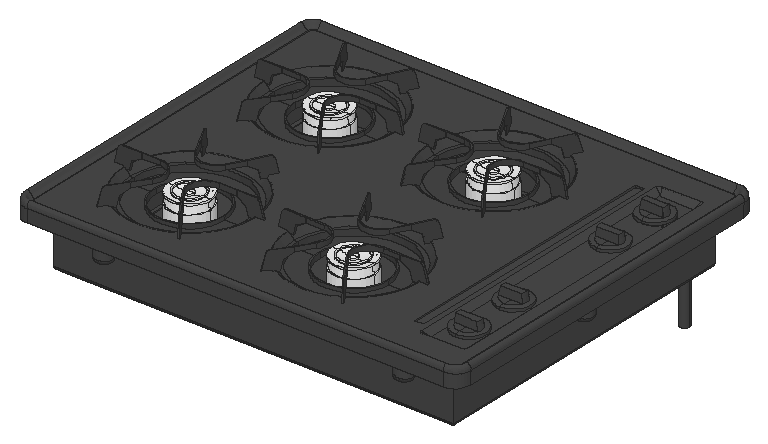
Revit family "QF_Summit_TNL03P_Cooktop", category Specialty Equipment, Revit 2020
Family settings
  Round Connector Dimension = Use Diameter
  Part Type = Normal
  Work Plane-Based = No
  Always vertical = Yes
  Cut with Voids When Loaded = No
  Shared = No
  Room Calculation Point = No
Parameters
  Weight in Pounds = 32
  URL Cutsheet = ""
  Specification by User = ""
  Specification by Manufacturer = ""
  Serial Number = ""
  Seismic Rating = ""
  SMACNA No = ""
  Revision Code = ""
  Plumbing Remarks = ""
  Plumbing Connection Type = ""
  NAFEM Spec ID Number = ""
  Model = "TNL03P"
  Masterspec = ""
  Manufacturer = "Summit"
  Length = 24"
  Item Number = ""
  Installed By = ""
  Identify Quantity as Lot = yes
  Height = 3 3/4"
  Gas Size = 0"
  Gas RI Height = 0"
  Gas KW = 0
  Gas Input = 9000.0 Btu/h
  Gas Connection Height = 0"
  Furnished By = ""
  Foodservice Equipment Identifier = yes
  Description = "Cooktop"
  Depth = 20"
  Default Elevation = 0"
  CSI MasterFormat = ""
Reference planes (in)
  plane 1 "BACK": y = 0
  plane 2: z = 0
  plane 3 "LEFT": x = 0
  plane 4 "RIGHT": x = 24
  plane 5 "FRONT": y = -20
  plane 6 "TOP": z = 3.75
  plane 7 "Center Y": x = 12
  plane 8 "Center X": y = -10
  plane 9: z = 2.75
  plane 10: z = 0.25
  plane 11: z = -2.75
Forms (in)
  Sweep 1, solid, material "QF_Plastic_Black_Smooth"
    path origin (0, 0, 3.74988) x (-1, 0, 0) y (0, -1, 0)
      loop
        line (-0.0625, 0.8125) -> (-0.0625, 19.1875)
        arc (-0.0625, 19.1875) -> (-0.28217, 19.71783) -> (-0.8125, 19.9375) r 0.75
        line (-0.8125, 19.9375) -> (-23.1875, 19.9375)
        arc (-23.1875, 19.9375) -> (-23.71783, 19.71783) -> (-23.9375, 19.1875) r 0.75
        line (-23.9375, 19.1875) -> (-23.9375, 0.8125)
        arc (-23.9375, 0.8125) -> (-23.71783, 0.28217) -> (-23.1875, 0.0625) r 0.75
        line (-23.1875, 0.0625) -> (-0.8125, 0.0625)
        arc (-0.8125, 0.0625) -> (-0.28217, 0.28217) -> (-0.0625, 0.8125) r 0.75
    profile origin (0.0625, -10, 3.74988) x (1, 0, 0) y (0, 0, 1)
      loop
        line (0.50007, -0.99988) -> (0.50007, -0.24988)
        spline (0.50007, -0.24988) -> (0.38683, -0.22526) -> (0.30986, -0.16677) -> (0.25459, -0.09746) -> (0.20654, -0.0403) -> (0.15715, -0.00897) -> (0.1083, -0.00102) -> (0.06291, -0.01235) -> (0.02367, -0.03905) -> (-0.00886, -0.07917) -> (-0.03532, -0.13183) -> (-0.05489, -0.20201) -> (-0.06266, -0.31115)
        line (-0.06266, -0.31115) -> (-0.06266, -0.99988) -> (0.50007, -0.99988)
  Extrusion 2, solid, material "QF_Plastic_Black_Smooth"
    sketch origin (23.1875, -0.5625, 3.24988) x (0, 1, 0) y (1, 0, 0)
      loop
        circle (-4.74127, -17.90956) r 3.49904
      loop
        line (-18.875, 0) -> (-18.875, -22.375)
        arc (-18.875, -22.375) -> (-18.80178, -22.55178) -> (-18.625, -22.625) r 0.25
        line (-18.625, -22.625) -> (-0.25, -22.625)
        arc (-0.25, -22.625) -> (-0.07322, -22.55178) -> (0, -22.375) r 0.25
        line (0, -22.375) -> (0, 0)
        arc (0, 0) -> (-0.07322, 0.17678) -> (-0.25, 0.25) r 0.25
        line (-0.25, 0.25) -> (-18.625, 0.25)
        arc (-18.625, 0.25) -> (-18.80178, 0.17678) -> (-18.875, 0) r 0.25
      loop
        circle (-4.74127, -9.09162) r 3.49904
      loop
        circle (-14.13373, -17.90956) r 3.49904
      loop
        circle (-14.13373, -9.09162) r 3.49904
    from 0.49988 to -0.25012
  Blend 3, void
    base sketch origin (23.18874, -0.56796, 3.54988) x (0, 1, 0) y (-1, 0, 0)
      loop
        arc (-1.25, 2.75) -> (-1.32322, 2.92678) -> (-1.5, 3) r 0.25
        line (-1.5, 3) -> (-17.375, 3)
        arc (-17.375, 3) -> (-17.55178, 2.92678) -> (-17.625, 2.75) r 0.25
        line (-17.625, 2.75) -> (-17.625, 0.5)
        arc (-17.625, 0.5) -> (-17.55178, 0.32322) -> (-17.375, 0.25) r 0.25
        line (-17.375, 0.25) -> (-1.5, 0.25)
        arc (-1.5, 0.25) -> (-1.32322, 0.32322) -> (-1.25, 0.5) r 0.25
        line (-1.25, 0.5) -> (-1.25, 2.75)
    top sketch origin (23.18874, -0.56796, 3.54988) x (0, 1, 0) y (-1, 0, 0)
      loop
        line (-1.71875, 2.53125) -> (-17.15625, 2.53125) -> (-17.15625, 0.71875) -> (-1.71875, 0.71875) -> (-1.71875, 2.53125)
    from 0.0625 to -0.31152
  Extrusion 4, void
    sketch origin (23.18874, -0.56796, 3.54988) x (0, 1, 0) y (-1, 0, 0)
      loop
        arc (-2, 3.5625) -> (-2.01831, 3.60669) -> (-2.0625, 3.625) r 0.0625
        line (-2.0625, 3.625) -> (-16.8125, 3.625)
        arc (-16.8125, 3.625) -> (-16.85669, 3.60669) -> (-16.875, 3.5625) r 0.0625
        line (-16.875, 3.5625) -> (-16.875, 3.1875)
        arc (-16.875, 3.1875) -> (-16.85669, 3.14331) -> (-16.8125, 3.125) r 0.0625
        line (-16.8125, 3.125) -> (-2.0625, 3.125)
        arc (-2.0625, 3.125) -> (-2.01831, 3.14331) -> (-2, 3.1875) r 0.0625
        line (-2, 3.1875) -> (-2, 3.5625)
    from 0.0625 to -0.125
  Revolve 5, solid, material "QF_Plastic_Black_Smooth"
    sketch origin (21.56374, -3, 0.23835) x (0, 1, 0) y (0, 0, 1)
      loop
        line (-0.75736, 3) -> (-0.50736, 3) -> (-0.50736, 3.07947) -> (0.15671, 3.07947) -> (0.15671, 3.2014)
        arc (0.15671, 3.2014) -> (0.03405, 3.23774) -> (-0.09329, 3.25) r 0.66737
        line (-0.09329, 3.25) -> (-0.75736, 3.25) -> (-0.75736, 3)
      axis (-0.75736, 3.25) -> (-0.75736, 3)
    angle from 0 to 360
  Blend 6, solid, material "QF_Plastic_Black_Smooth"
    base sketch origin (-0.00154, -3, 3.98835) x (-1, 0, 0) y (0, -1, 0)
      loop
        arc (-20.9318, 0.55812) -> (-20.90121, 0.75736) -> (-20.9318, 0.95659) r 0.66406
        line (-20.9318, 0.95659) -> (-22.19875, 0.95659)
        arc (-22.19875, 0.95659) -> (-22.22934, 0.75736) -> (-22.19875, 0.55812) r 0.66406
        line (-22.19875, 0.55812) -> (-20.9318, 0.55812)
    top sketch origin (-0.00154, -3, 3.98835) x (-1, 0, 0) y (0, -1, 0)
      loop
        arc (-20.98589, 0.57514) -> (-20.95791, 0.75736) -> (-20.98589, 0.93958) r 0.60736
        line (-20.98589, 0.93958) -> (-22.14466, 0.93958)
        arc (-22.14466, 0.93958) -> (-22.17264, 0.75736) -> (-22.14466, 0.57514) r 0.60736
        line (-22.14466, 0.57514) -> (-20.98589, 0.57514)
    from -0.5 to -0.05271
  Revolve 7, solid, material "QF_Plastic_Black_Smooth", not visible
    sketch origin (21.56528, -3, 0) x (0, 1, 0) y (0, 0, 1)
      loop
        line (-0.75736, 3) -> (-0.50736, 3) -> (-0.50736, 3.07947) -> (0.15671, 3.07947) -> (0.15671, 3.2014)
        arc (0.15671, 3.2014) -> (0.03405, 3.23774) -> (-0.09329, 3.25) r 0.66737
        line (-0.09329, 3.25) -> (-0.75736, 3.25) -> (-0.75736, 3)
      axis (-0.75736, 3.25) -> (-0.75736, 3)
    angle from 0 to 360
  Blend 8, solid, material "QF_Plastic_Black_Smooth", not visible
    base sketch origin (0, -3, 3.75) x (-1, 0, 0) y (0, -1, 0)
      loop
        arc (-20.9318, 0.55812) -> (-20.90121, 0.75736) -> (-20.9318, 0.95659) r 0.66406
        line (-20.9318, 0.95659) -> (-22.19875, 0.95659)
        arc (-22.19875, 0.95659) -> (-22.22934, 0.75736) -> (-22.19875, 0.55812) r 0.66406
        line (-22.19875, 0.55812) -> (-20.9318, 0.55812)
    top sketch origin (0, -3, 3.75) x (-1, 0, 0) y (0, -1, 0)
      loop
        arc (-20.98589, 0.57514) -> (-20.95791, 0.75736) -> (-20.98589, 0.93958) r 0.60736
        line (-20.98589, 0.93958) -> (-22.14466, 0.93958)
        arc (-22.14466, 0.93958) -> (-22.17264, 0.75736) -> (-22.14466, 0.57514) r 0.60736
        line (-22.14466, 0.57514) -> (-20.98589, 0.57514)
    from -0.5 to -0.05271
  Revolve 9, solid, material "QF_Plastic_Black_Smooth"
    sketch origin (21.56156, -3.00158, 0.23835) x (0, 1, 0) y (0, 0, 1)
      loop
        line (-3.75736, 3) -> (-3.50736, 3) -> (-3.50736, 3.07947) -> (-2.84329, 3.07947) -> (-2.84329, 3.2014)
        arc (-2.84329, 3.2014) -> (-2.96595, 3.23774) -> (-3.09329, 3.25) r 0.66737
        line (-3.09329, 3.25) -> (-3.75736, 3.25) -> (-3.75736, 3)
      axis (-3.75736, 3.25) -> (-3.75736, 3)
    angle from 0 to 360
  Blend 10, solid, material "QF_Plastic_Black_Smooth"
    base sketch origin (-0.00372, -3.00158, 3.98835) x (-1, 0, 0) y (0, -1, 0)
      loop
        arc (-20.9318, 3.55812) -> (-20.90121, 3.75736) -> (-20.9318, 3.95659) r 0.66406
        line (-20.9318, 3.95659) -> (-22.19875, 3.95659)
        arc (-22.19875, 3.95659) -> (-22.22934, 3.75736) -> (-22.19875, 3.55812) r 0.66406
        line (-22.19875, 3.55812) -> (-20.9318, 3.55812)
    top sketch origin (-0.00372, -3.00158, 3.98835) x (-1, 0, 0) y (0, -1, 0)
      loop
        arc (-20.98589, 3.57514) -> (-20.95791, 3.75736) -> (-20.98589, 3.93958) r 0.60736
        line (-20.98589, 3.93958) -> (-22.14466, 3.93958)
        arc (-22.14466, 3.93958) -> (-22.17264, 3.75736) -> (-22.14466, 3.57514) r 0.60736
        line (-22.14466, 3.57514) -> (-20.98589, 3.57514)
    from -0.5 to -0.05271
  Revolve 11, solid, material "QF_Plastic_Black_Smooth"
    sketch origin (21.56156, -6.00158, 0.23835) x (0, 1, 0) y (0, 0, 1)
      loop
        line (-10.24264, 3) -> (-10.24264, 3.25) -> (-10.90671, 3.25)
        arc (-10.90671, 3.25) -> (-11.03405, 3.23774) -> (-11.15671, 3.2014) r 0.66737
        line (-11.15671, 3.2014) -> (-11.15671, 3.07947) -> (-10.49264, 3.07947) -> (-10.49264, 3) -> (-10.24264, 3)
      axis (-10.24264, 3.25) -> (-10.24264, 3)
    angle from 0 to 360
  Blend 12, solid, material "QF_Plastic_Black_Smooth"
    base sketch origin (-0.00372, -6.00158, 3.98835) x (-1, 0, 0) y (0, -1, 0)
      loop
        line (-20.9318, 10.44188) -> (-22.19875, 10.44188)
        arc (-22.19875, 10.44188) -> (-22.22934, 10.24264) -> (-22.19875, 10.04341) r 0.66406
        line (-22.19875, 10.04341) -> (-20.9318, 10.04341)
        arc (-20.9318, 10.04341) -> (-20.90121, 10.24264) -> (-20.9318, 10.44188) r 0.66406
    top sketch origin (-0.00372, -6.00158, 3.98835) x (-1, 0, 0) y (0, -1, 0)
      loop
        line (-20.98589, 10.42486) -> (-22.14466, 10.42486)
        arc (-22.14466, 10.42486) -> (-22.17264, 10.24264) -> (-22.14466, 10.06042) r 0.60736
        line (-22.14466, 10.06042) -> (-20.98589, 10.06042)
        arc (-20.98589, 10.06042) -> (-20.95791, 10.24264) -> (-20.98589, 10.42486) r 0.60736
    from -0.5 to -0.05271
  Revolve 13, solid, material "QF_Plastic_Black_Smooth"
    sketch origin (21.56156, -3.00158, 0.23835) x (0, 1, 0) y (0, 0, 1)
      loop
        line (-10.24264, 3) -> (-10.24264, 3.25) -> (-10.90671, 3.25)
        arc (-10.90671, 3.25) -> (-11.03405, 3.23774) -> (-11.15671, 3.2014) r 0.66737
        line (-11.15671, 3.2014) -> (-11.15671, 3.07947) -> (-10.49264, 3.07947) -> (-10.49264, 3) -> (-10.24264, 3)
      axis (-10.24264, 3.25) -> (-10.24264, 3)
    angle from 0 to 360
  Blend 14, solid, material "QF_Plastic_Black_Smooth"
    base sketch origin (-0.00372, -3.00158, 3.98835) x (-1, 0, 0) y (0, -1, 0)
      loop
        line (-20.9318, 10.44188) -> (-22.19875, 10.44188)
        arc (-22.19875, 10.44188) -> (-22.22934, 10.24264) -> (-22.19875, 10.04341) r 0.66406
        line (-22.19875, 10.04341) -> (-20.9318, 10.04341)
        arc (-20.9318, 10.04341) -> (-20.90121, 10.24264) -> (-20.9318, 10.44188) r 0.66406
    top sketch origin (-0.00372, -3.00158, 3.98835) x (-1, 0, 0) y (0, -1, 0)
      loop
        line (-20.98589, 10.42486) -> (-22.14466, 10.42486)
        arc (-22.14466, 10.42486) -> (-22.17264, 10.24264) -> (-22.14466, 10.06042) r 0.60736
        line (-22.14466, 10.06042) -> (-20.98589, 10.06042)
        arc (-20.98589, 10.06042) -> (-20.95791, 10.24264) -> (-20.98589, 10.42486) r 0.60736
    from -0.5 to -0.05271
  Revolve 15, solid, material "QF_Plastic_Black_Smooth", not visible
    sketch origin (21.56528, -20.00316, 0) x (0, 1, 0) y (0, 0, 1)
      loop
        line (16.2458, 3) -> (16.4958, 3) -> (16.4958, 3.07947) -> (17.15986, 3.07947) -> (17.15986, 3.2014)
        arc (17.15986, 3.2014) -> (17.0372, 3.23774) -> (16.90986, 3.25) r 0.66737
        line (16.90986, 3.25) -> (16.2458, 3.25) -> (16.2458, 3)
      axis (16.2458, 3.25) -> (16.2458, 3)
    angle from 0 to 360
  Blend 16, solid, material "QF_Plastic_Black_Smooth", not visible
    base sketch origin (0, -20.00316, 3.75) x (-1, 0, 0) y (0, -1, 0)
      loop
        arc (-20.9318, -16.44503) -> (-20.90121, -16.2458) -> (-20.9318, -16.04657) r 0.66406
        line (-20.9318, -16.04657) -> (-22.19875, -16.04657)
        arc (-22.19875, -16.04657) -> (-22.22934, -16.2458) -> (-22.19875, -16.44503) r 0.66406
        line (-22.19875, -16.44503) -> (-20.9318, -16.44503)
    top sketch origin (0, -20.00316, 3.75) x (-1, 0, 0) y (0, -1, 0)
      loop
        arc (-20.98589, -16.42802) -> (-20.95791, -16.2458) -> (-20.98589, -16.06358) r 0.60736
        line (-20.98589, -16.06358) -> (-22.14466, -16.06358)
        arc (-22.14466, -16.06358) -> (-22.17264, -16.2458) -> (-22.14466, -16.42802) r 0.60736
        line (-22.14466, -16.42802) -> (-20.98589, -16.42802)
    from -0.5 to -0.05271
  Extrusion 17, solid, material "QF_Plastic_Black_Smooth"
    sketch origin (9.68847, 8.08075, 0) x (-1, 0, 0) y (0, 1, 0)
      loop
        circle (-12, -10) r 0.25
    from -0.125 to 2.75
  Sweep 18, solid, material "QF_Plastic_Black_Smooth"
    path origin (0, 0, 0) x (1, 0, 0) y (0, 1, 0)
      loop
        line (22.75, -1.25) -> (1.25, -1.25) -> (1.25, -18.75) -> (22.75, -18.75) -> (22.75, -1.25)
    profile origin (22.75, -10, 0) x (1, 0, 0) y (0, 0, 1)
      loop
        line (-0.25, 0) -> (-0.25, 0.125) -> (-0.13174, 0.125)
        arc (-0.13174, 0.125) -> (-0.03859, 0.16359) -> (0, 0.25674) r 0.13174
        line (0, 0.25674) -> (0, 2.75) -> (-0.125, 2.75) -> (-0.125, 0.25) -> (-0.375, 0.25) -> (-0.375, 0) -> (-0.25, 0)
  Extrusion 19, solid, material "QF_Plastic_Black_Smooth"
    sketch origin (22.375, -1.625, 0.25) x (0, -1, 0) y (1, 0, 0)
      loop
        line (0, -20.75) -> (16.75, -20.75) -> (16.75, 0) -> (0, 0) -> (0, -20.75)
    from 0 to -0.125
  Extrusion 20, solid, material "QF_Plastic_Black_Smooth"
    sketch origin (22.375, -1.625, 0.125) x (1, 0, 0) y (0, -1, 0)
      loop
        circle (-1.43653, 0.29425) r 0.25
    from 0 to 0.0625
  Revolve 21, solid, material "QF_Plastic_Black_Smooth"
    sketch origin (0, -10, 0) x (1, 0, 0) y (0, 0, 1)
      loop
        line (1.25, 2.75) -> (0.75, 2.75) -> (0.75, 1.75)
        arc (0.75, 1.75) -> (0.8255, 1.58445) -> (1, 1.5329) r 0.21926
        line (1, 1.5329) -> (1.25, 1.5329) -> (1.25, 2.75)
      axis (1.25, 1.5329) -> (1.25, 2.75)
    angle from -90 to 90
  Revolve 22, solid, material "QF_Plastic_Black_Smooth"
    sketch origin (24, -10, 0) x (-1, 0, 0) y (0, 0, -1)
      loop
        line (1.25, -2.75) -> (1.25, -1.5329) -> (1, -1.5329)
        arc (1, -1.5329) -> (0.8255, -1.58445) -> (0.75, -1.75) r 0.21926
        line (0.75, -1.75) -> (0.75, -2.75) -> (1.25, -2.75)
      axis (1.25, -1.5329) -> (1.25, -2.75)
    angle from -90 to 90
  Revolve 23, solid, material "QF_Plastic_Black_Smooth"
    sketch origin (21.33132, -1.25, 0) x (-1, 0, 0) y (0, 0, -1)
      loop
        line (1.25, -2.75) -> (1.25, -1.5329) -> (1, -1.5329)
        arc (1, -1.5329) -> (0.8255, -1.58445) -> (0.75, -1.75) r 0.21926
        line (0.75, -1.75) -> (0.75, -2.75) -> (1.25, -2.75)
      axis (1.25, -1.5329) -> (1.25, -2.75)
    angle from 0 to 180
  Revolve 24, solid, material "QF_Plastic_Black_Smooth"
    sketch origin (5.19698, -1.25, 0) x (-1, 0, 0) y (0, 0, -1)
      loop
        line (1.25, -2.75) -> (1.25, -1.5329) -> (1, -1.5329)
        arc (1, -1.5329) -> (0.8255, -1.58445) -> (0.75, -1.75) r 0.21926
        line (0.75, -1.75) -> (0.75, -2.75) -> (1.25, -2.75)
      axis (1.25, -1.5329) -> (1.25, -2.75)
    angle from 0 to 180
  Revolve 25, solid, material "QF_Plastic_Black_Smooth"
    sketch origin (21.33132, -18.75, 0) x (-1, 0, 0) y (0, 0, 1)
      loop
        line (1.25, 2.75) -> (0.75, 2.75) -> (0.75, 1.75)
        arc (0.75, 1.75) -> (0.8255, 1.58445) -> (1, 1.5329) r 0.21926
        line (1, 1.5329) -> (1.25, 1.5329) -> (1.25, 2.75)
      axis (1.25, 1.5329) -> (1.25, 2.75)
    angle from 0 to 180
  Revolve 26, solid, material "QF_Plastic_Black_Smooth"
    sketch origin (5.19698, -18.75, 0) x (-1, 0, 0) y (0, 0, 1)
      loop
        line (1.25, 2.75) -> (0.75, 2.75) -> (0.75, 1.75)
        arc (0.75, 1.75) -> (0.8255, 1.58445) -> (1, 1.5329) r 0.21926
        line (1, 1.5329) -> (1.25, 1.5329) -> (1.25, 2.75)
      axis (1.25, 1.5329) -> (1.25, 2.75)
    angle from 0 to 180
Cuts and joins
  Blend 3, Extrusion 4 cuts Extrusion 2
Lines and regions (in)
  symbolic lines
    curve 1: arc (21.56374, -2.84329, 3.98835) -> (20.64968, -3.75736, 3.98835) -> (21.56374, -4.67142, 3.98835) r 0.91406
    curve 2: arc (21.56374, -4.67142, 3.98835) -> (22.4778, -3.75736, 3.98835) -> (21.56374, -2.84329, 3.98835) r 0.91406
    curve 3: line (20.93027, -3.55812, 3.98835) -> (22.19721, -3.55812, 3.98835)
    curve 4: line (22.19721, -3.95659, 3.98835) -> (20.93027, -3.95659, 3.98835)
    curve 5: arc (20.93027, -3.55812, 3.98835) -> (20.89968, -3.75736, 3.98835) -> (20.93027, -3.95659, 3.98835) r 0.66406
    curve 6: arc (22.19721, -3.95659, 3.98835) -> (22.2278, -3.75736, 3.98835) -> (22.19721, -3.55812, 3.98835) r 0.66406
    curve 13: arc (21.56156, -5.84487, 3.98835) -> (20.6475, -6.75893, 3.98835) -> (21.56156, -7.673, 3.98835) r 0.91406
    curve 14: arc (21.56156, -7.673, 3.98835) -> (22.47562, -6.75893, 3.98835) -> (21.56156, -5.84487, 3.98835) r 0.91406
    curve 15: line (20.92809, -6.5597, 3.98835) -> (22.19503, -6.5597, 3.98835)
    curve 16: line (22.19503, -6.95817, 3.98835) -> (20.92809, -6.95817, 3.98835)
    curve 17: arc (20.92809, -6.5597, 3.98835) -> (20.8975, -6.75893, 3.98835) -> (20.92809, -6.95817, 3.98835) r 0.66406
    curve 18: arc (22.19503, -6.95817, 3.98835) -> (22.22562, -6.75893, 3.98835) -> (22.19503, -6.5597, 3.98835) r 0.66406
    curve 19: arc (21.56156, -17.15828, 3.98835) -> (20.6475, -16.24422, 3.98835) -> (21.56156, -15.33016, 3.98835) r 0.91406
    curve 20: arc (21.56156, -15.33016, 3.98835) -> (22.47562, -16.24422, 3.98835) -> (21.56156, -17.15828, 3.98835) r 0.91406
    curve 21: line (20.92809, -16.44345, 3.98835) -> (22.19503, -16.44345, 3.98835)
    curve 22: line (22.19503, -16.04499, 3.98835) -> (20.92809, -16.04499, 3.98835)
    curve 23: arc (20.92809, -16.44345, 3.98835) -> (20.8975, -16.24422, 3.98835) -> (20.92809, -16.04499, 3.98835) r 0.66406
    curve 24: arc (22.19503, -16.04499, 3.98835) -> (22.22562, -16.24422, 3.98835) -> (22.19503, -16.44345, 3.98835) r 0.66406
    curve 25: arc (21.56156, -14.15828, 3.98835) -> (20.6475, -13.24422, 3.98835) -> (21.56156, -12.33016, 3.98835) r 0.91406
    curve 26: arc (21.56156, -12.33016, 3.98835) -> (22.47562, -13.24422, 3.98835) -> (21.56156, -14.15828, 3.98835) r 0.91406
    curve 27: line (20.92809, -13.44345, 3.98835) -> (22.19503, -13.44345, 3.98835)
    curve 28: line (22.19503, -13.04499, 3.98835) -> (20.92809, -13.04499, 3.98835)
    curve 29: arc (20.92809, -13.44345, 3.98835) -> (20.8975, -13.24422, 3.98835) -> (20.92809, -13.04499, 3.98835) r 0.66406
    curve 30: arc (22.19503, -13.04499, 3.98835) -> (22.22562, -13.24422, 3.98835) -> (22.19503, -13.44345, 3.98835) r 0.66406
    curve 37: line (0.5625, -0.8125, 0) -> (0.5625, -19.1875, 0)
    curve 38: line (23.1875, -0.5625, 0) -> (0.8125, -0.5625, 0)
    curve 39: arc (0.5625, -0.8125, 0) -> (0.63572, -0.63572, 0) -> (0.8125, -0.5625, 0) r 0.25
    curve 40: arc (23.1875, -0.5625, 0) -> (23.36428, -0.63572, 0) -> (23.4375, -0.8125, 0) r 0.25
    curve 41: line (23.4375, -19.1875, 0) -> (23.4375, -0.8125, 0)
    curve 42: line (22.46999, -2.28671, 0) -> (20.65749, -2.28671, 0)
    curve 43: line (20.65749, -2.28671, 0) -> (20.65749, -17.72421, 0)
    curve 44: line (20.65749, -17.72421, 0) -> (22.46999, -17.72421, 0)
    curve 45: line (22.46999, -17.72421, 0) -> (22.46999, -2.28671, 0)
    curve 46: line (20.50446, -1.9588, 0) -> (22.62302, -1.9588, 0)
    curve 47: arc (22.62302, -1.9588, 0) -> (22.74668, -2.01002, 0) -> (22.7979, -2.13368, 0) r 0.17489
    curve 48: line (22.7979, -2.13368, 0) -> (22.7979, -17.87723, 0)
    curve 49: arc (22.7979, -17.87723, 0) -> (22.74668, -18.0009, 0) -> (22.62302, -18.05212, 0) r 0.17489
    curve 50: line (22.62302, -18.05212, 0) -> (20.50446, -18.05212, 0)
    curve 51: arc (20.50446, -18.05212, 0) -> (20.3808, -18.0009, 0) -> (20.32958, -17.87723, 0) r 0.17489
    curve 52: line (20.32958, -17.87723, 0) -> (20.32958, -2.13368, 0)
    curve 53: arc (20.32958, -2.13368, 0) -> (20.3808, -2.01002, 0) -> (20.50446, -1.9588, 0) r 0.17489
    curve 54: line (19.56374, -17.38046, 0) -> (19.56374, -2.63046, 0)
    curve 55: arc (19.56374, -2.63046, 0) -> (19.58205, -2.58626, 0) -> (19.62624, -2.56796, 0) r 0.0625
    curve 56: line (19.62624, -2.56796, 0) -> (20.00124, -2.56796, 0)
    curve 57: arc (20.00124, -2.56796, 0) -> (20.04543, -2.58626, 0) -> (20.06374, -2.63046, 0) r 0.0625
    curve 58: line (20.06374, -2.63046, 0) -> (20.06374, -17.38046, 0)
    curve 59: arc (20.06374, -17.38046, 0) -> (20.04543, -17.42465, 0) -> (20.00124, -17.44296, 0) r 0.0625
    curve 60: line (20.00124, -17.44296, 0) -> (19.62624, -17.44296, 0)
    curve 61: arc (19.62624, -17.44296, 0) -> (19.58205, -17.42465, 0) -> (19.56374, -17.38046, 0) r 0.0625
    curve 62: line (0.8125, -19.4375, 0) -> (23.1875, -19.4375, 0)
    curve 63: arc (23.4375, -19.1875, 0) -> (23.36428, -19.36428, 0) -> (23.1875, -19.4375, 0) r 0.25
    curve 64: arc (0.8125, -19.4375, 0) -> (0.63572, -19.36428, 0) -> (0.5625, -19.1875, 0) r 0.25
    curve 65: line (-0.00016, -19.1875, 0) -> (-0.00016, -0.8125, 0)
    curve 66: arc (-0.00016, -0.8125, 0) -> (0.23786, -0.23786, 0) -> (0.8125, 0.00016, 0) r 0.81266
    curve 67: line (0.8125, 0.00016, 0) -> (23.1875, 0.00016, 0)
    curve 68: arc (23.1875, 0.00016, 0) -> (23.76214, -0.23786, 0) -> (24.00016, -0.8125, 0) r 0.81266
    curve 69: line (24.00016, -0.8125, 0) -> (24.00016, -19.1875, 0)
    curve 70: arc (24.00016, -19.1875, 0) -> (23.76214, -19.76214, 0) -> (23.1875, -20.00016, 0) r 0.81266
    curve 71: line (23.1875, -20.00016, 0) -> (0.8125, -20.00016, 0)
    curve 72: arc (0.8125, -20.00016, 0) -> (0.23786, -19.76214, 0) -> (-0.00016, -19.1875, 0) r 0.81266
  symbolic lines, not visible
    curve 7: arc (21.56528, -2.84329, 3.75) -> (20.65121, -3.75736, 3.75) -> (21.56528, -4.67142, 3.75) r 0.91406
    curve 8: arc (21.56528, -4.67142, 3.75) -> (22.47934, -3.75736, 3.75) -> (21.56528, -2.84329, 3.75) r 0.91406
    curve 9: line (20.9318, -3.55812, 3.75) -> (22.19875, -3.55812, 3.75)
    curve 10: line (22.19875, -3.95659, 3.75) -> (20.9318, -3.95659, 3.75)
    curve 11: arc (20.9318, -3.55812, 3.75) -> (20.90121, -3.75736, 3.75) -> (20.9318, -3.95659, 3.75) r 0.66406
    curve 12: arc (22.19875, -3.95659, 3.75) -> (22.22934, -3.75736, 3.75) -> (22.19875, -3.55812, 3.75) r 0.66406
    curve 31: arc (21.56528, -2.84329, 3.75) -> (20.65121, -3.75736, 3.75) -> (21.56528, -4.67142, 3.75) r 0.91406
    curve 32: arc (21.56528, -4.67142, 3.75) -> (22.47934, -3.75736, 3.75) -> (21.56528, -2.84329, 3.75) r 0.91406
    curve 33: line (20.9318, -3.55812, 3.75) -> (22.19875, -3.55812, 3.75)
    curve 34: line (22.19875, -3.95659, 3.75) -> (20.9318, -3.95659, 3.75)
    curve 35: arc (20.9318, -3.55812, 3.75) -> (20.90121, -3.75736, 3.75) -> (20.9318, -3.95659, 3.75) r 0.66406
    curve 36: arc (22.19875, -3.95659, 3.75) -> (22.22934, -3.75736, 3.75) -> (22.19875, -3.55812, 3.75) r 0.66406
Dimensions and locks (in)
  equal spacing: plane 3 "LEFT", plane 7 "Center Y", plane 4 "RIGHT"
  "Length": plane 3 "LEFT" to plane 4 "RIGHT"
  equal spacing: plane 5 "FRONT", plane 8 "Center X", plane 1 "BACK"
  "Depth": plane 5 "FRONT" to plane 1 "BACK"
  "Height": plane 6 "TOP" to level
  plane 9 to plane 10 = 2 1/2"
  plane 10 to plane 11 = 3"
  plane 6 "TOP" to plane 9 = 1"
  aligned and locked: level to plane 2
Automatic sketch dimensions
  Blend 6 sketch curve to Blend 6 sketch curve = 0.63347"  (x2)
  Blend 6 sketch curve to Blend 6 sketch curve = 51/256"
  Blend 6 sketch curve to Blend 6 sketch curve = 0"  (x10)
  Blend 6 sketch curve to Blend 6 sketch curve = 0.57938"  (x2)
  Blend 6 sketch curve to Blend 6 sketch curve = 0.18222"
  curve 4 to curve 1 = 0.63347"
  curve 3 to curve 1 = 51/256"
  curve 2 to curve 5 = 183/256"
  curve 3 to curve 4 = 0"
  curve 2 to curve 3 = 0.63347"
  curve 2 to curve 5 = 0"  (x4)
  curve 2 to curve 6 = 0"  (x3)
  curve 5 to curve 6 = 0"  (x3)
  curve 1 to curve 2 = 0"  (x2)
  curve 1 to curve 5 = 0"  (x2)
  curve 1 to curve 6 = 0"  (x2)
  Blend 8 sketch curve to Blend 8 sketch curve = 0.63347"  (x2)
  Blend 8 sketch curve to Blend 8 sketch curve = 51/256"
  Blend 8 sketch curve to Blend 8 sketch curve = 0"  (x10)
  Blend 8 sketch curve to Blend 8 sketch curve = 0.57938"  (x2)
  Blend 8 sketch curve to Blend 8 sketch curve = 0.18222"
  curve 10 to curve 7 = 0.63347"
  curve 9 to curve 7 = 51/256"
  curve 8 to curve 11 = 183/256"
  curve 9 to curve 10 = 0"
  curve 8 to curve 9 = 0.63347"
  curve 8 to curve 11 = 0"  (x4)
  curve 8 to curve 12 = 0"  (x3)
  curve 11 to curve 12 = 0"  (x3)
  curve 7 to curve 8 = 0"  (x2)
  curve 7 to curve 11 = 0"  (x2)
  curve 7 to curve 12 = 0"  (x2)
  Revolve 9 sketch curve to Revolve 9 sketch curve = 1/4"  (x2)
  Revolve 9 sketch curve to Revolve 9 sketch curve = 53/128"
  Revolve 9 sketch curve to Revolve 9 sketch curve = 85/128"
  Revolve 9 sketch curve to Revolve 9 sketch curve = 0"
  Revolve 9 sketch curve to Revolve 9 sketch curve = 0.12193"
  Blend 10 sketch curve to Blend 10 sketch curve = 0.63347"  (x2)
  Blend 10 sketch curve to Blend 10 sketch curve = 51/256"
  Blend 10 sketch curve to Blend 10 sketch curve = 0"  (x10)
  Blend 10 sketch curve to Blend 10 sketch curve = 0.57938"  (x2)
  Blend 10 sketch curve to Blend 10 sketch curve = 0.18222"
  Revolve 9 sketch curve to Revolve 9 sketch curve = 0.41737"
  Revolve 9 sketch curve to Revolve 9 sketch curve = 0.07947"
  Revolve 9 sketch curve to Revolve 9 sketch curve = 0.30818"
  Revolve 11 sketch curve to Revolve 11 sketch curve = 1/4"  (x2)
  Revolve 11 sketch curve to Revolve 11 sketch curve = 53/128"
  Revolve 11 sketch curve to Revolve 11 sketch curve = 85/128"
  Revolve 11 sketch curve to Revolve 11 sketch curve = 0"
  Revolve 11 sketch curve to Revolve 11 sketch curve = 0.12193"
  Blend 12 sketch curve to Blend 12 sketch curve = 0.63347"  (x2)
  Blend 12 sketch curve to Blend 12 sketch curve = 51/256"
  Blend 12 sketch curve to Blend 12 sketch curve = 0"  (x10)
  Blend 12 sketch curve to Blend 12 sketch curve = 0.57938"  (x2)
  Blend 12 sketch curve to Blend 12 sketch curve = 0.18222"
  Revolve 11 sketch curve to Revolve 11 sketch curve = 0.41737"
  Revolve 11 sketch curve to Revolve 11 sketch curve = 0.07947"
  Revolve 11 sketch curve to Revolve 11 sketch curve = 0.30818"
  Revolve 13 sketch curve to Revolve 13 sketch curve = 1/4"  (x2)
  Revolve 13 sketch curve to Revolve 13 sketch curve = 53/128"
  Revolve 13 sketch curve to Revolve 13 sketch curve = 85/128"
  Revolve 13 sketch curve to Revolve 13 sketch curve = 0"
  Revolve 13 sketch curve to Revolve 13 sketch curve = 0.12193"
  Blend 14 sketch curve to Blend 14 sketch curve = 0.63347"  (x2)
  Blend 14 sketch curve to Blend 14 sketch curve = 51/256"
  Blend 14 sketch curve to Blend 14 sketch curve = 0"  (x10)
  Blend 14 sketch curve to Blend 14 sketch curve = 0.57938"  (x2)
  Blend 14 sketch curve to Blend 14 sketch curve = 0.18222"
  Revolve 13 sketch curve to Revolve 13 sketch curve = 0.41737"
  Revolve 13 sketch curve to Revolve 13 sketch curve = 0.07947"
  Revolve 13 sketch curve to Revolve 13 sketch curve = 0.30818"
  curve 16 to curve 13 = 0.63347"
  curve 15 to curve 13 = 51/256"
  curve 14 to curve 17 = 183/256"
  curve 15 to curve 16 = 0"
  curve 14 to curve 15 = 0.63347"
  curve 14 to curve 17 = 0"  (x4)
  curve 14 to curve 18 = 0"  (x3)
  curve 17 to curve 18 = 0"  (x3)
  curve 13 to curve 14 = 0"  (x2)
  curve 13 to curve 17 = 0"  (x2)
  curve 13 to curve 18 = 0"  (x2)
  curve 22 to curve 19 = 0.63347"
  curve 19 to curve 21 = 51/256"
  curve 23 to curve 20 = 183/256"
  curve 21 to curve 22 = 0"
  curve 20 to curve 21 = 0.63347"
  curve 20 to curve 23 = 0"  (x4)
  curve 20 to curve 24 = 0"  (x3)
  curve 23 to curve 24 = 0"  (x3)
  curve 19 to curve 20 = 0"  (x2)
  curve 19 to curve 23 = 0"  (x2)
  curve 19 to curve 24 = 0"  (x2)
  curve 28 to curve 25 = 0.63347"
  curve 25 to curve 27 = 51/256"
  curve 29 to curve 26 = 183/256"
  curve 27 to curve 28 = 0"
  curve 26 to curve 27 = 0.63347"
  curve 26 to curve 29 = 0"  (x4)
  curve 26 to curve 30 = 0"  (x3)
  curve 29 to curve 30 = 0"  (x3)
  curve 25 to curve 26 = 0"  (x2)
  curve 25 to curve 29 = 0"  (x2)
  curve 25 to curve 30 = 0"  (x2)
  Revolve 15 sketch curve to Revolve 15 sketch curve = 1/4"  (x2)
  Revolve 15 sketch curve to Revolve 15 sketch curve = 53/128"
  Revolve 15 sketch curve to Revolve 15 sketch curve = 85/128"
  Revolve 15 sketch curve to Revolve 15 sketch curve = 0"
  Revolve 15 sketch curve to Revolve 15 sketch curve = 0.12193"
  Blend 16 sketch curve to Blend 16 sketch curve = 0.63347"  (x2)
  Blend 16 sketch curve to Blend 16 sketch curve = 51/256"
  Blend 16 sketch curve to Blend 16 sketch curve = 0"  (x10)
  Blend 16 sketch curve to Blend 16 sketch curve = 0.57938"  (x2)
  Blend 16 sketch curve to Blend 16 sketch curve = 0.18222"
  Revolve 15 sketch curve to Revolve 15 sketch curve = 0.41737"
  Revolve 15 sketch curve to Revolve 15 sketch curve = 0.07947"
  Revolve 15 sketch curve to Revolve 15 sketch curve = 0.30818"
  curve 34 to curve 31 = 0.63347"
  curve 33 to curve 31 = 51/256"
  curve 32 to curve 35 = 183/256"
  curve 33 to curve 34 = 0"
  curve 32 to curve 33 = 0.63347"
  curve 32 to curve 35 = 0"  (x4)
  curve 32 to curve 36 = 0"  (x3)
  curve 35 to curve 36 = 0"  (x3)
  curve 31 to curve 32 = 0"  (x2)
  curve 31 to curve 35 = 0"  (x2)
  curve 31 to curve 36 = 0"  (x2)
  Revolve 5 sketch curve to Revolve 5 sketch curve = 1/4"  (x2)
  Revolve 5 sketch curve to Revolve 5 sketch curve = 53/128"
  Revolve 5 sketch curve to Revolve 5 sketch curve = 0.41737"
  Revolve 5 sketch curve to Revolve 5 sketch curve = 0.07947"
  Revolve 5 sketch curve to Revolve 5 sketch curve = 0.12193"
  Revolve 5 sketch curve to Revolve 5 sketch curve = 0"  (x2)
  Revolve 5 sketch curve to Revolve 5 sketch curve = 0.30818"
  Revolve 7 sketch curve to Revolve 7 sketch curve = 1/4"  (x2)
  Revolve 7 sketch curve to Revolve 7 sketch curve = 53/128"
  Revolve 7 sketch curve to Revolve 7 sketch curve = 0.41737"
  Revolve 7 sketch curve to Revolve 7 sketch curve = 0.07947"
  Revolve 7 sketch curve to Revolve 7 sketch curve = 0.12193"
  Revolve 7 sketch curve to Revolve 7 sketch curve = 0"  (x2)
  Revolve 7 sketch curve to Revolve 7 sketch curve = 0.30818"
  plane 4 "RIGHT" to Sweep 1 sketch curve = 1/16"
  Sweep 1 sketch curve to Sweep 1 sketch curve = 3/4"
  Sweep 1 sketch curve to plane 5 "FRONT" = 1/16"
  plane 4 "RIGHT" to Sweep 1 sketch curve = 13/16"
  plane 3 "LEFT" to Sweep 1 sketch curve = 13/16"  (x2)
  plane 3 "LEFT" to Sweep 1 sketch curve = 1/16"
  plane 1 "BACK" to Sweep 1 sketch curve = 13/16"
  profile plane to Sweep 1 sketch curve = 0.06266"
  Sweep 1 sketch curve to profile plane = 0.50007"
  Sweep 1 sketch curve to profile plane = 0.99988"
  Sweep 1 sketch curve to profile plane = 0.31115"
  Sweep 1 sketch curve to profile plane = 0.24988"
  Extrusion 2 sketch curve to plane 5 "FRONT" = 9/16"
  Extrusion 2 sketch curve to Extrusion 2 sketch curve = 1/4"  (x3)
  Extrusion 2 sketch curve to plane 8 "Center X" = 4.69623"  (x2)
  plane 7 "Center Y" to Extrusion 2 sketch curve = 2.09588"  (x2)
  plane 8 "Center X" to Extrusion 2 sketch curve = 4.69623"  (x2)
  plane 1 "BACK" to Extrusion 2 sketch curve = 13/16"  (x2)
  plane 4 "RIGHT" to Extrusion 2 sketch curve = 13/16"
  plane 3 "LEFT" to Extrusion 2 sketch curve = 5.27794"  (x2)
  plane 3 "LEFT" to Extrusion 2 sketch curve = 13/16"
  Blend 3 sketch curve to plane 5 "FRONT" = 1.80704"
  Blend 3 sketch curve to Blend 3 sketch curve = 1/4"  (x3)
  plane 4 "RIGHT" to Blend 3 sketch curve = 1.31126"
  plane 1 "BACK" to Blend 3 sketch curve = 2.06796"  (x2)
  Blend 3 sketch curve to Blend 3 sketch curve = 2 1/4"
  Blend 3 sketch curve to plane 5 "FRONT" = 2.27579"
  plane 1 "BACK" to Blend 3 sketch curve = 2.28671"
  plane 4 "RIGHT" to Blend 3 sketch curve = 1.53001"
  Blend 3 sketch curve to Blend 3 sketch curve = 1 13/16"
  Extrusion 4 sketch curve to plane 5 "FRONT" = 2.55704"
  Extrusion 4 sketch curve to Extrusion 4 sketch curve = 1/16"  (x3)
  plane 1 "BACK" to Extrusion 4 sketch curve = 2.63046"
  Extrusion 4 sketch curve to Extrusion 4 sketch curve = 0"
  plane 4 "RIGHT" to Extrusion 4 sketch curve = 3.93626"
  Extrusion 4 sketch curve to Extrusion 4 sketch curve = 3/8"
  plane 4 "RIGHT" to Extrusion 17 sketch curve = 2.31153"
  plane 1 "BACK" to Extrusion 17 sketch curve = 1.91925"
  plane 3 "LEFT" to Sweep 18 sketch curve = 1 1/4"
  plane 4 "RIGHT" to Sweep 18 sketch curve = 1 1/4"
  Sweep 18 sketch curve to plane 5 "FRONT" = 1 1/4"
  plane 1 "BACK" to Sweep 18 sketch curve = 1 1/4"
  Sweep 18 sketch curve to level = 0"
  profile plane to Sweep 18 sketch curve = 0"
  profile plane to Sweep 18 sketch curve = 1/8"
  Sweep 18 sketch curve to Sweep 18 sketch curve = 0.00674"
  profile plane to Sweep 18 sketch curve = 1/4"
  Sweep 18 sketch curve to Sweep 18 sketch curve = 1/8"  (x2)
  level to Sweep 18 sketch curve = 1/8"
  Sweep 18 sketch curve to Sweep 18 sketch curve = 2.49326"
  Extrusion 19 sketch curve to Sweep 18 = 0"  (x4)
  Extrusion 20 sketch curve to Extrusion 20 sketch curve = 0"  (x2)
  Extrusion 19 to Extrusion 20 sketch curve = 0.29425"
  Extrusion 19 to Extrusion 20 sketch curve = 1.43653"
  Extrusion 20 sketch curve to Extrusion 20 sketch curve = 1/4"
  Revolve 21 sketch curve to plane 9 = 0"  (x2)
  plane 3 "LEFT" to Revolve 21 sketch curve = 3/4"
  Revolve 21 sketch curve to Revolve 21 sketch curve = 0.21926"
  Revolve 21 sketch curve to Revolve 21 sketch curve = 0.03074"
  Revolve 21 sketch curve to Revolve 21 sketch curve = 1/4"
  Revolve 21 sketch curve to plane 9 = 1"
  Revolve 21 sketch curve to Revolve 21 sketch curve = 0"
  plane 9 to Revolve 21 sketch curve = 0.41303"
  Revolve 22 sketch curve to plane 9 = 0"  (x2)
  plane 4 "RIGHT" to Revolve 22 sketch curve = 3/4"
  Revolve 22 sketch curve to Revolve 22 sketch curve = 0.21926"
  Revolve 22 sketch curve to Revolve 22 sketch curve = 0.03074"
  Revolve 22 sketch curve to Revolve 22 sketch curve = 1/4"
  Revolve 22 sketch curve to plane 9 = 1"
  Revolve 22 sketch curve to Revolve 22 sketch curve = 0"
  Revolve 22 sketch curve to Revolve 22 sketch curve = 0.41303"
  Revolve 23 sketch curve to plane 9 = 0"  (x2)
  Revolve 23 sketch curve to plane 9 = 1"
  plane 7 "Center Y" to Revolve 23 sketch curve = 8.58132"
  Revolve 23 sketch curve to Revolve 23 sketch curve = 0.21926"
  Revolve 23 sketch curve to Revolve 23 sketch curve = 0.03074"
  Revolve 23 sketch curve to Revolve 23 sketch curve = 1/4"
  Revolve 23 sketch curve to Revolve 23 sketch curve = 0"
  Revolve 23 sketch curve to Revolve 23 sketch curve = 0.41303"
  Revolve 24 sketch curve to plane 9 = 0"  (x2)
  Revolve 24 sketch curve to plane 9 = 1"
  Revolve 24 sketch curve to plane 7 "Center Y" = 7.55302"
  Revolve 24 sketch curve to Revolve 24 sketch curve = 0.21926"
  Revolve 24 sketch curve to Revolve 24 sketch curve = 0.03074"
  Revolve 24 sketch curve to Revolve 24 sketch curve = 1/4"
  Revolve 24 sketch curve to Revolve 24 sketch curve = 0"
  Revolve 24 sketch curve to Revolve 24 sketch curve = 0.41303"
  Revolve 25 sketch curve to plane 9 = 0"  (x2)
  Revolve 25 sketch curve to plane 9 = 1"
  plane 7 "Center Y" to Revolve 25 sketch curve = 8.58132"
  Revolve 25 sketch curve to Revolve 25 sketch curve = 0.21926"
  Revolve 25 sketch curve to Revolve 25 sketch curve = 0.03074"
  Revolve 25 sketch curve to Revolve 25 sketch curve = 1/4"
  Revolve 25 sketch curve to Revolve 25 sketch curve = 0"
  plane 9 to Revolve 25 sketch curve = 0.41303"
  Revolve 26 sketch curve to plane 9 = 0"  (x2)
  Revolve 26 sketch curve to plane 9 = 1"
  Revolve 26 sketch curve to plane 7 "Center Y" = 7.55302"
  Revolve 26 sketch curve to Revolve 26 sketch curve = 0.21926"
  Revolve 26 sketch curve to Revolve 26 sketch curve = 0.03074"
  Revolve 26 sketch curve to Revolve 26 sketch curve = 1/4"
  Revolve 26 sketch curve to Revolve 26 sketch curve = 0"
  plane 9 to Revolve 26 sketch curve = 0.41303"
  curve 39 to curve 66 = 0"  (x2)
  curve 40 to curve 68 = 0"  (x2)
  curve 63 to curve 70 = 0"  (x2)
  curve 64 to curve 72 = 0"
  curve 65 to plane 3 "LEFT" = 0.00016"
  plane 3 "LEFT" to curve 37 = 9/16"
  curve 37 to curve 64 = 1/4"
  curve 37 to curve 39 = 1/4"
  plane 1 "BACK" to curve 54 = 2.63046"
  plane 4 "RIGHT" to curve 54 = 4.43626"
  curve 54 to curve 61 = 1/16"
  curve 54 to curve 55 = 1/16"
  curve 55 to curve 56 = 3/8"
  curve 60 to curve 60 = 3/8"
  curve 57 to curve 58 = 1/16"
  curve 60 to curve 52 = 0.32834"
  curve 52 to curve 51 = 0.17489"
  curve 53 to curve 53 = 0.17489"
  curve 51 to curve 44 = 0.15303"
  plane 4 "RIGHT" to curve 45 = 1.53001"
  curve 42 to curve 47 = 0.15303"
  curve 44 to curve 50 = 0.15303"
  curve 49 to curve 48 = 0.17489"
  plane 5 "FRONT" to curve 71 = 0.00016"
  plane 4 "RIGHT" to curve 71 = 13/16"
  plane 4 "RIGHT" to curve 38 = 13/16"
  curve 40 to curve 41 = 1/4"
  curve 50 to plane 5 "FRONT" = 1.94788"
  curve 49 to curve 44 = 0.15303"
  curve 51 to curve 60 = 0.43428"
  curve 57 to curve 42 = 11/32"
  curve 42 to curve 48 = 0.15303"
  plane 1 "BACK" to curve 40 = 13/16"
  radius of Extrusion 2 sketch curve = 3.49904"  (x4)
  radius of Extrusion 17 sketch curve = 1/4"
Nested families (in)
  nested 1: "Summit_Burner" at (1.53739, -1.55546, 0.24051), type "Summit_Burner"
  nested 2: "Summit_Burner" at (10.35458, -1.55546, 0.24051), type "Summit_Burner"
  nested 3: "Summit_Burner" at (1.53739, -10.94792, 0.24051), type "Summit_Burner"
  nested 4: "Summit_Burner" at (10.35458, -10.94792, 0.24051), type "Summit_Burner"
Connectors (in)
  piping at (21.68847, -1.91925, -2.75), diameter 0.5
    settings: on Extrusion 17, index 1, connector inside diameter 24", connector length 0", flow factor 0, pipe flow 0 GPM, pressure drop 0.00 psi, fitting loss kfactor 0, connector angle 0.00°, fixture units 0, engagement length 0", angle of deflection 0.00°, flow configuration 1, flow direction 1, fitting loss method 0, system type 7, joint type 0, gender type 0, connector reference index -1, connector utility 0, adjustable connector no, is connector primary yes, connector description "Gas Connection"
Definition of nested family "Summit_Burner"
  Parameters (values of type "Summit_Burner")
    Model = ""
    Manufacturer = "Summit"
    Length = 7 1/2"
    Height = 3 3/4"
    Description = "Cooktop"
    Depth = 7 1/2"
    Default Elevation = 0"
  Reference planes (in)
    plane 1 "BACK": y = 0
    plane 2: z = 0
    plane 3 "LEFT": x = 0
    plane 4 "RIGHT": x = 7.5
    plane 5 "FRONT": y = -7.5
    plane 6 "TOP": z = 3.75
    plane 7 "Center Y": x = 3.75
    plane 8 "Center X": y = -3.75
  Forms (in)
    Revolve 1, solid
      sketch origin (-1.00614, -3.75, 0) x (1, 0, 0) y (0, 0, 1)
        loop
          spline (4.75614, 3.2974) -> (4.72569, 3.2971) -> (4.69575, 3.29619) -> (4.66685, 3.2947) -> (4.63948, 3.29264) -> (4.6141, 3.29006) -> (4.59115, 3.28699) -> (4.57103, 3.28349) -> (4.55407, 3.27963) -> (4.54057, 3.27546) -> (4.53076, 3.27106) -> (4.52481, 3.2665) -> (4.52281, 3.26186)
          line (4.52281, 3.26186) -> (4.52281, 3.21696)
          arc (4.52281, 3.21696) -> (4.26371, 3.23312) -> (4.00936, 3.28508) r 1.86649
          line (4.00936, 3.28508) -> (4.00936, 3.32514)
          arc (4.00936, 3.32514) -> (3.98019, 3.35431) -> (3.95103, 3.32514) r 0.02917
          line (3.95103, 3.32514) -> (3.95103, 3.28508) -> (3.61868, 3.31928) -> (3.61868, 3.24108) -> (3.76857, 3.21465) -> (3.68998, 2.76893) -> (3.61868, 2.76893) -> (3.61868, 1.8356) -> (4.75614, 1.8356) -> (4.75614, 3.2974)
        loop
          line (1.55611, 2.9044) -> (1.25614, 3.26188) -> (1.25614, 2.50443) -> (2.91868, 2.50443) -> (2.91868, 2.76893) -> (2.86035, 2.76893) -> (2.86035, 2.56277) -> (1.75201, 2.56277) -> (1.75201, 2.9044) -> (1.55611, 2.9044)
        axis (4.75614, 1.8356) -> (4.75614, 3.32514)
      angle from 0 to 360
    Extrusion 2, solid
      sketch origin (0, 0, 3.75) x (-1, 0, 0) y (0, -1, 0)
        loop
          line (-2.5179, 1.48578) -> (-2.46271, 1.51512) -> (-2.90948, 2.35538)
          arc (-2.90948, 2.35538) -> (-3.75, 2.86041) -> (-4.59052, 2.35538) r 0.95194
          line (-4.59052, 2.35538) -> (-5.03729, 1.51512) -> (-4.9821, 1.48578) -> (-4.53533, 2.32603)
          arc (-4.53533, 2.32603) -> (-3.75, 2.79791) -> (-2.96467, 2.32603) r 0.88944
          line (-2.96467, 2.32603) -> (-2.5179, 1.48578)
        loop
          line (-1.21219, 3.78125) -> (-2.16384, 3.78125)
          arc (-2.16384, 3.78125) -> (-2.94917, 4.25312) -> (-2.90122, 5.16806) r 0.88944
          line (-2.90122, 5.16806) -> (-2.35458, 5.97849) -> (-2.40639, 6.01344) -> (-2.95303, 5.20301)
          arc (-2.95303, 5.20301) -> (-3.00435, 4.22378) -> (-2.16384, 3.71875) r 0.95194
          line (-2.16384, 3.71875) -> (-1.21219, 3.71875) -> (-1.21219, 3.78125)
        loop
          line (-6.28781, 3.78125) -> (-6.28781, 3.71875) -> (-5.33616, 3.71875)
          arc (-5.33616, 3.71875) -> (-4.49565, 4.22378) -> (-4.54697, 5.20301) r 0.95194
          line (-4.54697, 5.20301) -> (-5.09361, 6.01344) -> (-5.14542, 5.97849) -> (-4.59878, 5.16806)
          arc (-4.59878, 5.16806) -> (-4.55083, 4.25312) -> (-5.33616, 3.78125) r 0.88944
          line (-5.33616, 3.78125) -> (-6.28781, 3.78125)
      from 0.25 to 0.5
    Extrusion 3, solid
      sketch origin (0, -3.71875, 0) x (-1, 0, 0) y (0, 0, 1)
        loop
          line (-0.20802, 3.31155) -> (0.24994, 3.31155) -> (0.05937, 4.07589)
          arc (0.05937, 4.07589) -> (-0.02208, 4.20131) -> (-0.16348, 4.25) r 0.22968
          line (-0.16348, 4.25) -> (-1.21219, 4.25) -> (-1.21219, 4) -> (-0.67738, 3.69123) -> (-0.55416, 3.19699) -> (-0.30416, 3.19699) -> (-0.20802, 3.31155)
      from 0 to -0.0625
    Extrusion 4, solid
      sketch origin (1.67673, -6.98344, 0) x (-0.559193, -0.829038, 0) y (0, 0, 1)
        loop
          line (-0.20802, 3.31155) -> (0.24994, 3.31155) -> (0.05937, 4.07589)
          arc (0.05937, 4.07589) -> (-0.02208, 4.20131) -> (-0.16348, 4.25) r 0.22968
          line (-0.16348, 4.25) -> (-1.21219, 4.25) -> (-1.21219, 4) -> (-0.67738, 3.69123) -> (-0.55416, 3.19699) -> (-0.30416, 3.19699) -> (-0.20802, 3.31155)
      from 0 to -0.0625
    Extrusion 5, solid
      sketch origin (7.5, -3.71875, 0) x (1, 0, 0) y (0, 0, -1)
        loop
          line (-0.20802, -3.31155) -> (-0.30416, -3.19699) -> (-0.55416, -3.19699) -> (-0.67738, -3.69123) -> (-1.21219, -4) -> (-1.21219, -4.25) -> (-0.16348, -4.25)
          arc (-0.16348, -4.25) -> (-0.02208, -4.20131) -> (0.05937, -4.07589) r 0.22968
          line (0.05937, -4.07589) -> (0.24994, -3.31155) -> (-0.20802, -3.31155)
      from 0 to -0.0625
    Extrusion 6, solid
      sketch origin (5.82327, -6.98344, 0) x (0.559193, -0.829038, 0) y (0, 0, -1)
        loop
          line (-0.20802, -3.31155) -> (-0.30416, -3.19699) -> (-0.55416, -3.19699) -> (-0.67738, -3.69123) -> (-1.21219, -4) -> (-1.21219, -4.25) -> (-0.16348, -4.25)
          arc (-0.16348, -4.25) -> (-0.02208, -4.20131) -> (0.05937, -4.07589) r 0.22968
          line (0.05937, -4.07589) -> (0.24994, -3.31155) -> (-0.20802, -3.31155)
      from 0 to -0.0625
    Extrusion 7, solid
      sketch origin (1.94881, -0.41548, 0) x (-0.469472, 0.882948, 0) y (0, 0, 1)
        loop
          line (-0.20802, 3.31155) -> (0.24994, 3.31155) -> (0.05937, 4.07589)
          arc (0.05937, 4.07589) -> (-0.02208, 4.20131) -> (-0.16348, 4.25) r 0.22968
          line (-0.16348, 4.25) -> (-1.21219, 4.25) -> (-1.21219, 4) -> (-0.67738, 3.69123) -> (-0.55416, 3.19699) -> (-0.30416, 3.19699) -> (-0.20802, 3.31155)
      from 0 to -0.0625
    Extrusion 8, solid
      sketch origin (5.55119, -0.41548, 0) x (0.469472, 0.882948, 0) y (0, 0, -1)
        loop
          line (-0.20802, -3.31155) -> (-0.30416, -3.19699) -> (-0.55416, -3.19699) -> (-0.67738, -3.69123) -> (-1.21219, -4) -> (-1.21219, -4.25) -> (-0.16348, -4.25)
          arc (-0.16348, -4.25) -> (-0.02208, -4.20131) -> (0.05937, -4.07589) r 0.22968
          line (0.05937, -4.07589) -> (0.24994, -3.31155) -> (-0.20802, -3.31155)
      from 0 to -0.0625
  Lines and regions (in)
    symbolic lines
      curve 1: line (0, -7.5, 27) -> (0, -7.5, 26)
      curve 2: circle (3.75, -3.75, 3.75) r 0.80512 normal (0, 0, 1)
      curve 3: circle (3.75, -3.75, 3.75) r 0.74678 normal (0, 0, 1)
      curve 4: circle (3.75, -3.75, 3.75) r 0.23333 normal (0, 0, 1)
      curve 5: line (-0.24994, -3.78125, 3.75) -> (2.16384, -3.78125, 3.75)
      curve 6: line (2.1681, -3.71876, 3.75) -> (-0.24994, -3.71876, 3.75)
      curve 7: line (-0.24994, -3.71876, 3.75) -> (-0.24994, -3.78125, 3.75)
      curve 8: arc (1.92099, -6.73308, 3.75) -> (3.74054, -7.24735, 3.75) -> (5.56205, -6.74006, 3.75) r 3.49978
      curve 9: arc (2.08902, -6.48396, 3.75) -> (3.74048, -6.94686, 3.75) -> (5.39374, -6.49045, 3.75) r 3.19975
      curve 10: arc (2.80998, -5.39281, 3.75) -> (3.73378, -5.63885, 3.75) -> (4.66013, -5.40255, 3.75) r 1.89484
      curve 11: arc (3.11548, -4.69456, 3.75) -> (3.75006, -4.88773, 3.75) -> (4.38451, -4.69416, 3.75) r 1.13775
      curve 12: arc (3.11358, -4.60599, 3.75) -> (3.75009, -4.81648, 3.75) -> (4.38646, -4.60552, 3.75) r 1.06645
      curve 13: arc (2.70583, -3.96546, 3.75) -> (2.82791, -4.28523, 3.75) -> (3.04503, -4.54983, 3.75) r 1.06617
      curve 14: arc (2.62075, -3.90758, 3.75) -> (2.76396, -4.32186, 3.75) -> (3.05307, -4.65132, 3.75) r 1.13848
      curve 15: arc (1.85101, -3.78125, 3.75) -> (2.10293, -4.69369, 3.75) -> (2.76463, -5.37056, 3.75) r 1.89561
      curve 16: arc (0.55022, -3.78125, 3.75) -> (0.95335, -5.30531, 3.75) -> (2.03523, -6.45195, 3.75) r 3.20005
      curve 17: arc (0.25121, -3.78125, 3.75) -> (0.69074, -5.44885, 3.75) -> (1.87327, -6.70414, 3.75) r 3.50004
      curve 18: arc (3.336, -2.76567, 3.75) -> (2.82709, -3.2137, 3.75) -> (2.69076, -3.87789, 3.75) r 1.06729
      curve 19: arc (3.25742, -2.72306, 3.75) -> (2.7652, -3.17872, 3.75) -> (2.61493, -3.83242, 3.75) r 1.13855
      curve 20: arc (4.07713, -2.73557, 3.75) -> (3.74996, -2.6841, 3.75) -> (3.42279, -2.73553, 3.75) r 1.06604
      curve 21: arc (4.16928, -2.69288, 3.75) -> (3.74997, -2.61275, 3.75) -> (3.33065, -2.69285, 3.75) r 1.13737
      curve 22: arc (2.76976, -2.09259, 3.75) -> (2.09515, -2.78438, 3.75) -> (1.84898, -3.71876, 3.75) r 1.89636
      curve 23: arc (4.66187, -2.08805, 3.75) -> (3.74999, -1.8543, 3.75) -> (2.83809, -2.08798, 3.75) r 1.8958
      curve 24: arc (2.17107, -0.96662, 3.75) -> (0.99268, -2.126, 3.75) -> (0.55012, -3.71876, 3.75) r 3.20003
      curve 25: arc (5.27431, -0.93622, 3.75) -> (3.75001, -0.54989, 3.75) -> (2.22573, -0.93629, 3.75) r 3.20003
      curve 26: arc (5.41517, -0.67131, 3.75) -> (3.75001, -0.24988, 3.75) -> (2.08489, -0.67141, 3.75) r 3.5
      curve 27: arc (2.0302, -0.70168, 3.75) -> (0.73555, -1.9715, 3.75) -> (0.25014, -3.71876, 3.75) r 3.5
      curve 28: arc (7.25002, -3.75005, 3.75) -> (6.77237, -1.985, 3.75) -> (5.46979, -0.70171, 3.75) r 3.5
      curve 29: arc (6.95006, -3.75005, 3.75) -> (6.51523, -2.13951, 3.75) -> (5.32891, -0.96665, 3.75) r 3.20003
      curve 30: arc (5.64584, -3.75005, 3.75) -> (5.39712, -2.81134, 3.75) -> (4.71623, -2.11894, 3.75) r 1.8958
      curve 31: arc (4.88188, -3.86551, 3.75) -> (4.74248, -3.19327, 3.75) -> (4.24178, -2.72354, 3.75) r 1.13799
      curve 32: arc (4.80375, -3.91294, 3.75) -> (4.68061, -3.22921, 3.75) -> (4.16245, -2.76642, 3.75) r 1.0664
      curve 33: arc (4.45497, -4.54981, 3.75) -> (4.66215, -4.30196, 3.75) -> (4.78559, -4.00343, 3.75) r 1.06616
      curve 34: arc (4.44699, -4.64889, 3.75) -> (4.72483, -4.33609, 3.75) -> (4.87078, -3.944, 3.75) r 1.13746
      curve 35: arc (4.71999, -5.37886, 3.75) -> (5.38253, -4.71385, 3.75) -> (5.64481, -3.81251, 3.75) r 1.8958
      curve 36: arc (5.44986, -6.46121, 3.75) -> (6.5347, -5.32656, 3.75) -> (6.94939, -3.81251, 3.75) r 3.20003
      curve 37: arc (5.61765, -6.71004, 3.75) -> (6.79962, -5.46744, 3.75) -> (7.24939, -3.81251, 3.75) r 3.5
      curve 38: arc (2.16384, -3.78125, 3.75) -> (2.94917, -4.25312, 3.75) -> (2.90122, -5.16806, 3.75) r 0.88944
      curve 39: arc (2.95303, -5.20301, 3.75) -> (3.00435, -4.22378, 3.75) -> (2.16384, -3.71875, 3.75) r 0.95194
      curve 40: line (2.90122, -5.16806, 3.75) -> (1.53696, -7.19065, 3.75)
      curve 41: line (1.58878, -7.2256, 3.75) -> (2.95303, -5.20301, 3.75)
      curve 42: line (1.53696, -7.19065, 3.75) -> (1.58878, -7.2256, 3.75)
      curve 43: arc (5.33616, -3.71875, 3.75) -> (4.49565, -4.22378, 3.75) -> (4.54697, -5.20301, 3.75) r 0.95194
      curve 44: arc (4.59878, -5.16806, 3.75) -> (4.55083, -4.25312, 3.75) -> (5.33616, -3.78125, 3.75) r 0.88944
      curve 45: line (5.96304, -7.19065, 3.75) -> (4.59878, -5.16806, 3.75)
      curve 46: line (4.54697, -5.20301, 3.75) -> (5.91122, -7.2256, 3.75)
      curve 47: line (7.74994, -3.71875, 3.75) -> (5.33616, -3.71875, 3.75)
      curve 48: line (5.33616, -3.78125, 3.75) -> (7.74994, -3.78125, 3.75)
      curve 49: line (7.74994, -3.78125, 3.75) -> (7.74994, -3.71875, 3.75)
      curve 50: line (5.91122, -7.2256, 3.75) -> (5.96304, -7.19065, 3.75)
      curve 51: arc (2.90948, -2.35538, 3.75) -> (3.75, -2.86041, 3.75) -> (4.59052, -2.35538, 3.75) r 0.95194
      curve 52: arc (4.53533, -2.32603, 3.75) -> (3.75, -2.79791, 3.75) -> (2.96467, -2.32603, 3.75) r 0.88944
      curve 53: line (1.77629, -0.22414, 3.75) -> (2.90948, -2.35538, 3.75)
      curve 54: line (2.96467, -2.32603, 3.75) -> (1.83147, -0.1948, 3.75)
      curve 55: line (5.66853, -0.1948, 3.75) -> (4.53533, -2.32603, 3.75)
      curve 56: line (4.59052, -2.35538, 3.75) -> (5.72371, -0.22414, 3.75)
      curve 57: line (5.72371, -0.22414, 3.75) -> (5.66853, -0.1948, 3.75)
      curve 58: line (1.83147, -0.1948, 3.75) -> (1.77629, -0.22414, 3.75)
  Dimensions and locks (in)
    equal spacing: plane 3 "LEFT", plane 7 "Center Y", plane 4 "RIGHT"
    "Length": plane 3 "LEFT" to plane 4 "RIGHT"
    equal spacing: plane 5 "FRONT", plane 8 "Center X", plane 1 "BACK"
    "Depth": plane 5 "FRONT" to plane 1 "BACK"
    "Height": plane 6 "TOP" to level
    aligned and locked: level to plane 2
  Automatic sketch dimensions
    curve 1 to plane 5 "FRONT" = 0"
    plane 6 "TOP" to curve 1 = 22 1/4"
    curve 1 to curve 1 = 1"
    curve 2 to curve 3 = 0"  (x2)
    curve 2 to curve 4 = 0"
    curve 3 to curve 4 = 0"
    curve 3 to curve 24 = 0"
    curve 4 to curve 13 = 0"
    curve 13 to curve 24 = 0"  (x2)
    curve 13 to curve 27 = 0"  (x2)
    curve 3 to plane 7 "Center Y" = 0"
    curve 4 to plane 8 "Center X" = 0"
    plane 7 "Center Y" to curve 28 = 0"
    curve 29 to curve 28 = 0"
    plane 8 "Center X" to curve 35 = 0"
    plane 7 "Center Y" to curve 35 = 0.00004"
    curve 30 to curve 29 = 0"
    curve 25 to curve 35 = 0.00004"
    curve 26 to curve 25 = 0.00004"  (x2)
    plane 7 "Center Y" to curve 16 = 0.00012"
    plane 7 "Center Y" to curve 18 = 0.00028"
    curve 19 to curve 18 = 0.00017"
    curve 17 to plane 8 "Center X" = 0.0005"
    curve 17 to curve 16 = 0.001"
    curve 33 to plane 8 "Center X" = 0"
    curve 33 to plane 7 "Center Y" = 0"
    curve 33 to curve 34 = 0"  (x2)
    curve 34 to curve 36 = 0"
    curve 36 to curve 37 = 0.00002"
    curve 23 to plane 7 "Center Y" = 0.00008"
    curve 23 to curve 21 = 0"
    curve 21 to curve 20 = 0"
    curve 32 to plane 7 "Center Y" = 0.00009"
    curve 32 to curve 31 = 0.00011"
    curve 12 to plane 8 "Center X" = 0.00003"
    curve 23 to curve 12 = 0.00022"
    plane 8 "Center X" to curve 11 = 0"
    curve 12 to curve 11 = 0"
    plane 8 "Center X" to curve 14 = 0.00028"
    curve 11 to curve 14 = 0.00146"
    curve 14 to curve 8 = 0.00099"
    curve 8 to curve 9 = 0.00049"
    plane 8 "Center X" to curve 15 = 0.00104"
    curve 8 to curve 15 = 0.0009"
    curve 22 to plane 7 "Center Y" = 0.00467"
    curve 9 to curve 10 = 0.003"
    plane 8 "Center X" to curve 6 = 1/32"
    curve 5 to plane 8 "Center X" = 1/32"
    curve 6 to curve 5 = 0.00426"
    curve 7 to plane 3 "LEFT" = 0.24994"
    curve 10 to curve 15 = 0.00493"
    curve 9 to curve 15 = 0.00185"
    curve 9 to curve 8 = 0.00046"
    plane 8 "Center X" to curve 18 = 0.00072"
    curve 18 to curve 19 = 0.00005"
    curve 31 to curve 11 = 0.00029"
    curve 31 to curve 32 = 0.0001"
    plane 8 "Center X" to curve 26 = 0.00012"
    curve 36 to plane 8 "Center X" = 0"
    curve 37 to plane 8 "Center X" = 0"
